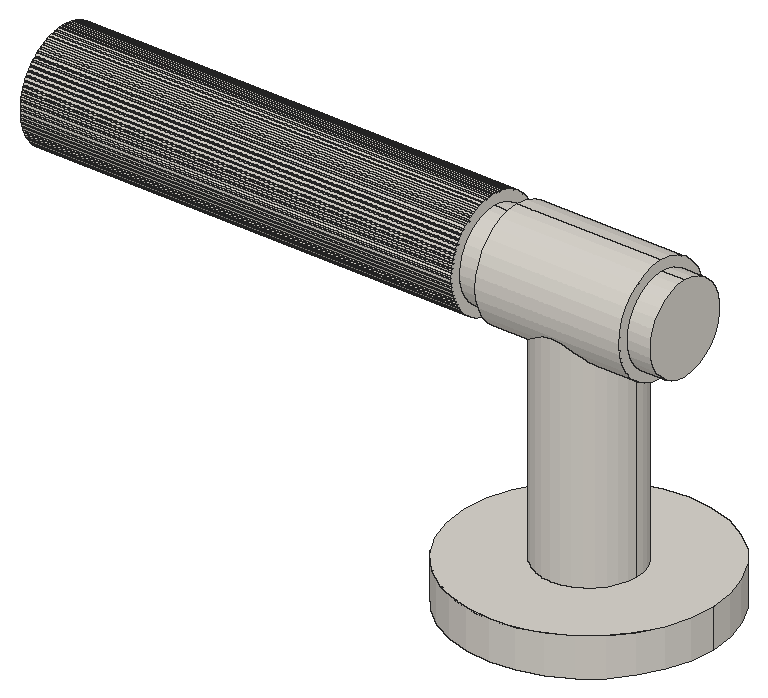
Revit family "ALMA-Marko_Door_Handle-FaceBased", category Specialty Equipment, host Face, Revit 2026
Family settings
  Host = Face
  Round Connector Dimension = Use Diameter
  Part Type = Normal
  Enable Cutting in Views = Yes
  Cut with Voids When Loaded = No
  Maintain Annotation Orientation = No
  Shared = No
  Room Calculation Point = No
Parameters (values of type "BRUSHED NICKEL")
  DoorHandle_Material = BM_NICKEL
  Default Elevation = 1100 mm
Types (7, lengths in mm): name | DoorHandle_Material
  (no name) | BM_NICKEL
  BRUSHED ANTIQUE BRASS | BM_ANTIQUE BRASS
  BRUSHED NICKEL | BM_NICKEL
  MATTE BLACK | BM_MATTE BLACK
  BRUSHED GUNMETAL | BM_GUNMETAL
  BRUSHED BRASS GOLD | BM_BRASS GOLD
  CHROME | BM_CHROME
Reference planes
  plane 1 "Center (Front/Back)": y = 0
  plane 2: z = 0
  plane 3 "Center (Left/Right)": x = 0
  plane 4: y = 26
  plane 5: y = -26
  plane 6: x = -110
  plane 7: z = 58
Forms (mm)
  Extrusion 1, solid, material "BM_NICKEL" <- "DoorHandle_Material"
    sketch origin (-7.019, 0, 8) x (1, 0, 0) y (0, 1, 0)
      loop
        circle (7.019, 0) r 10
    from 0 to 50
  Extrusion 2, solid, material "BM_NICKEL" <- "DoorHandle_Material"
    sketch origin (-7.019, 0, 0) x (1, 0, 0) y (0, 1, 0)
      loop
        circle (7.019, 0) r 26
    from 0 to 8
  Extrusion 3, solid, material "BM_NICKEL" <- "DoorHandle_Material"
    sketch origin (0.5, 0, -18) x (0, 0, -1) y (0, 1, 0)
      loop
        circle (-76, 0) r 11
    from -15.5 to 14.5
  Extrusion 4, solid, material "BM_NICKEL" <- "DoorHandle_Material"
    sketch origin (15, 0, -18) x (0, 0, -1) y (0, 1, 0)
      loop
        circle (-76, 0) r 9
    from 0 to 5
  Extrusion 5, solid, material "BM_NICKEL" <- "DoorHandle_Material"
    sketch origin (-105, 0, -18) x (0, 0, -1) y (0, 1, 0)
      loop
        circle (-76, 0) r 11
    from -5 to 85
  Extrusion 6, solid, material "BM_NICKEL" <- "DoorHandle_Material"
    sketch origin (15, 0, -18) x (0, 0, -1) y (0, 1, 0)
      loop
        circle (-76, 0) r 9
    from -35 to -30
  Extrusion 7, void
    sketch origin (-110, 0, -17.769) x (0, 0, -1) y (0, 1, 0)
      loop
        line (-86.432, 0) -> (-87.168, 0.425) -> (-87.168, -0.425) -> (-86.432, 0)
    from 0 to 90
  Extrusion 8, void
    sketch origin (-110, 5.945, -17.536) x (0, 0.078459, -0.996917) y (0, 0.996917, 0.078459)
      loop
        line (-86.432, 0) -> (-87.168, 0.425) -> (-87.168, -0.425) -> (-86.432, 0)
    from 0 to 90
  Extrusion 9, void
    sketch origin (-110, -5.945, -17.536) x (0, -0.078459, -0.996917) y (0, 0.996917, -0.078459)
      loop
        line (-86.432, 0) -> (-87.168, 0.425) -> (-87.168, -0.425) -> (-86.432, 0)
    from 0 to 90
  Extrusion 10, void
    sketch origin (-110, -11.853, -16.836) x (0, -0.156434, -0.987688) y (0, 0.987688, -0.156434)
      loop
        line (-86.432, 0) -> (-87.168, 0.425) -> (-87.168, -0.425) -> (-86.432, 0)
    from 0 to 90
  Extrusion 11, void
    sketch origin (-110, -17.688, -15.676) x (0, -0.233445, -0.97237) y (0, 0.97237, -0.233445)
      loop
        line (-86.432, 0) -> (-87.168, 0.425) -> (-87.168, -0.425) -> (-86.432, 0)
    from 0 to 90
  Extrusion 12, void
    sketch origin (-110, -23.414, -14.061) x (0, -0.309017, -0.951057) y (0, 0.951057, -0.309017)
      loop
        line (-86.432, 0) -> (-87.168, 0.425) -> (-87.168, -0.425) -> (-86.432, 0)
    from 0 to 90
  Extrusion 13, void
    sketch origin (-110, -28.996, -12.002) x (0, -0.382683, -0.92388) y (0, 0.92388, -0.382683)
      loop
        line (-86.432, 0) -> (-87.168, 0.425) -> (-87.168, -0.425) -> (-86.432, 0)
    from 0 to 90
  Extrusion 14, void
    sketch origin (-110, -34.398, -9.511) x (0, -0.45399, -0.891007) y (0, 0.891007, -0.45399)
      loop
        line (-86.432, 0) -> (-87.168, 0.425) -> (-87.168, -0.425) -> (-86.432, 0)
    from 0 to 90
  Extrusion 15, void
    sketch origin (-110, -39.589, -6.604) x (0, -0.522499, -0.85264) y (0, 0.85264, -0.522499)
      loop
        line (-86.432, 0) -> (-87.168, 0.425) -> (-87.168, -0.425) -> (-86.432, 0)
    from 0 to 90
  Extrusion 16, void
    sketch origin (-110, -44.536, -3.299) x (0, -0.587785, -0.809017) y (0, 0.809017, -0.587785)
      loop
        line (-86.432, 0) -> (-87.168, 0.425) -> (-87.168, -0.425) -> (-86.432, 0)
    from 0 to 90
  Extrusion 17, void
    sketch origin (-110, -49.208, 0.385) x (0, -0.649448, -0.760406) y (0, 0.760406, -0.649448)
      loop
        line (-86.432, 0) -> (-87.168, 0.425) -> (-87.168, -0.425) -> (-86.432, 0)
    from 0 to 90
  Extrusion 18, void
    sketch origin (-110, -53.577, 4.423) x (0, -0.707107, -0.707107) y (0, 0.707107, -0.707107)
      loop
        line (-86.432, 0) -> (-87.168, 0.425) -> (-87.168, -0.425) -> (-86.432, 0)
    from 0 to 90
  Extrusion 19, void
    sketch origin (-110, -57.615, 8.792) x (0, -0.760406, -0.649448) y (0, 0.649448, -0.760406)
      loop
        line (-86.432, 0) -> (-87.168, 0.425) -> (-87.168, -0.425) -> (-86.432, 0)
    from 0 to 90
  Extrusion 20, void
    sketch origin (-110, -61.299, 13.464) x (0, -0.809017, -0.587785) y (0, 0.587785, -0.809017)
      loop
        line (-86.432, 0) -> (-87.168, 0.425) -> (-87.168, -0.425) -> (-86.432, 0)
    from 0 to 90
  Extrusion 21, void
    sketch origin (-110, -64.604, 18.411) x (0, -0.85264, -0.522499) y (0, 0.522499, -0.85264)
      loop
        line (-86.432, 0) -> (-87.168, 0.425) -> (-87.168, -0.425) -> (-86.432, 0)
    from 0 to 90
  Extrusion 22, void
    sketch origin (-110, -67.511, 23.602) x (0, -0.891007, -0.45399) y (0, 0.45399, -0.891007)
      loop
        line (-86.432, 0) -> (-87.168, 0.425) -> (-87.168, -0.425) -> (-86.432, 0)
    from 0 to 90
  Extrusion 23, void
    sketch origin (-110, -70.002, 29.004) x (0, -0.92388, -0.382683) y (0, 0.382683, -0.92388)
      loop
        line (-86.432, 0) -> (-87.168, 0.425) -> (-87.168, -0.425) -> (-86.432, 0)
    from 0 to 90
  Extrusion 24, void
    sketch origin (-110, -72.061, 34.586) x (0, -0.951057, -0.309017) y (0, 0.309017, -0.951057)
      loop
        line (-86.432, 0) -> (-87.168, 0.425) -> (-87.168, -0.425) -> (-86.432, 0)
    from 0 to 90
  Extrusion 25, void
    sketch origin (-110, -73.676, 40.312) x (0, -0.97237, -0.233445) y (0, 0.233445, -0.97237)
      loop
        line (-86.432, 0) -> (-87.168, 0.425) -> (-87.168, -0.425) -> (-86.432, 0)
    from 0 to 90
  Extrusion 26, void
    sketch origin (-110, -74.836, 46.147) x (0, -0.987688, -0.156434) y (0, 0.156434, -0.987688)
      loop
        line (-86.432, 0) -> (-87.168, 0.425) -> (-87.168, -0.425) -> (-86.432, 0)
    from 0 to 90
  Extrusion 27, void
    sketch origin (-110, -75.536, 52.055) x (0, -0.996917, -0.078459) y (0, 0.078459, -0.996917)
      loop
        line (-86.432, 0) -> (-87.168, 0.425) -> (-87.168, -0.425) -> (-86.432, 0)
    from 0 to 90
  Extrusion 28, void
    sketch origin (-110, -75.769, 58) x (0, -1, 0) y (0, 0, -1)
      loop
        line (-86.432, 0) -> (-87.168, 0.425) -> (-87.168, -0.425) -> (-86.432, 0)
    from 0 to 90
  Extrusion 29, void
    sketch origin (-110, -75.536, 63.945) x (0, -0.996917, 0.078459) y (0, -0.078459, -0.996917)
      loop
        line (-86.432, 0) -> (-87.168, 0.425) -> (-87.168, -0.425) -> (-86.432, 0)
    from 0 to 90
  Extrusion 30, void
    sketch origin (-110, -74.836, 69.853) x (0, -0.987688, 0.156434) y (0, -0.156434, -0.987688)
      loop
        line (-86.432, 0) -> (-87.168, 0.425) -> (-87.168, -0.425) -> (-86.432, 0)
    from 0 to 90
  Extrusion 31, void
    sketch origin (-110, -73.676, 75.688) x (0, -0.97237, 0.233445) y (0, -0.233445, -0.97237)
      loop
        line (-86.432, 0) -> (-87.168, 0.425) -> (-87.168, -0.425) -> (-86.432, 0)
    from 0 to 90
  Extrusion 32, void
    sketch origin (-110, -72.061, 81.414) x (0, -0.951057, 0.309017) y (0, -0.309017, -0.951057)
      loop
        line (-86.432, 0) -> (-87.168, 0.425) -> (-87.168, -0.425) -> (-86.432, 0)
    from 0 to 90
  Extrusion 33, void
    sketch origin (-110, -70.002, 86.996) x (0, -0.92388, 0.382683) y (0, -0.382683, -0.92388)
      loop
        line (-86.432, 0) -> (-87.168, 0.425) -> (-87.168, -0.425) -> (-86.432, 0)
    from 0 to 90
  Extrusion 34, void
    sketch origin (-110, -67.511, 92.398) x (0, -0.891007, 0.45399) y (0, -0.45399, -0.891007)
      loop
        line (-86.432, 0) -> (-87.168, 0.425) -> (-87.168, -0.425) -> (-86.432, 0)
    from 0 to 90
  Extrusion 35, void
    sketch origin (-110, -64.604, 97.589) x (0, -0.85264, 0.522499) y (0, -0.522499, -0.85264)
      loop
        line (-86.432, 0) -> (-87.168, 0.425) -> (-87.168, -0.425) -> (-86.432, 0)
    from 0 to 90
  Extrusion 36, void
    sketch origin (-110, -61.299, 102.536) x (0, -0.809017, 0.587785) y (0, -0.587785, -0.809017)
      loop
        line (-86.432, 0) -> (-87.168, 0.425) -> (-87.168, -0.425) -> (-86.432, 0)
    from 0 to 90
  Extrusion 37, void
    sketch origin (-110, -57.615, 107.208) x (0, -0.760406, 0.649448) y (0, -0.649448, -0.760406)
      loop
        line (-86.432, 0) -> (-87.168, 0.425) -> (-87.168, -0.425) -> (-86.432, 0)
    from 0 to 90
  Extrusion 38, void
    sketch origin (-110, -53.577, 111.577) x (0, -0.707107, 0.707107) y (0, -0.707107, -0.707107)
      loop
        line (-86.432, 0) -> (-87.168, 0.425) -> (-87.168, -0.425) -> (-86.432, 0)
    from 0 to 90
  Extrusion 39, void
    sketch origin (-110, -49.208, 115.615) x (0, -0.649448, 0.760406) y (0, -0.760406, -0.649448)
      loop
        line (-86.432, 0) -> (-87.168, 0.425) -> (-87.168, -0.425) -> (-86.432, 0)
    from 0 to 90
  Extrusion 40, void
    sketch origin (-110, -44.536, 119.299) x (0, -0.587785, 0.809017) y (0, -0.809017, -0.587785)
      loop
        line (-86.432, 0) -> (-87.168, 0.425) -> (-87.168, -0.425) -> (-86.432, 0)
    from 0 to 90
  Extrusion 41, void
    sketch origin (-110, -39.589, 122.604) x (0, -0.522499, 0.85264) y (0, -0.85264, -0.522499)
      loop
        line (-86.432, 0) -> (-87.168, 0.425) -> (-87.168, -0.425) -> (-86.432, 0)
    from 0 to 90
  Extrusion 42, void
    sketch origin (-110, -34.398, 125.511) x (0, -0.45399, 0.891007) y (0, -0.891007, -0.45399)
      loop
        line (-86.432, 0) -> (-87.168, 0.425) -> (-87.168, -0.425) -> (-86.432, 0)
    from 0 to 90
  Extrusion 43, void
    sketch origin (-110, -28.996, 128.002) x (0, -0.382683, 0.92388) y (0, -0.92388, -0.382683)
      loop
        line (-86.432, 0) -> (-87.168, 0.425) -> (-87.168, -0.425) -> (-86.432, 0)
    from 0 to 90
  Extrusion 44, void
    sketch origin (-110, -23.414, 130.061) x (0, -0.309017, 0.951057) y (0, -0.951057, -0.309017)
      loop
        line (-86.432, 0) -> (-87.168, 0.425) -> (-87.168, -0.425) -> (-86.432, 0)
    from 0 to 90
  Extrusion 45, void
    sketch origin (-110, -17.688, 131.676) x (0, -0.233445, 0.97237) y (0, -0.97237, -0.233445)
      loop
        line (-86.432, 0) -> (-87.168, 0.425) -> (-87.168, -0.425) -> (-86.432, 0)
    from 0 to 90
  Extrusion 46, void
    sketch origin (-110, -11.853, 132.836) x (0, -0.156434, 0.987688) y (0, -0.987688, -0.156434)
      loop
        line (-86.432, 0) -> (-87.168, 0.425) -> (-87.168, -0.425) -> (-86.432, 0)
    from 0 to 90
  Extrusion 47, void
    sketch origin (-110, -5.945, 133.536) x (0, -0.078459, 0.996917) y (0, -0.996917, -0.078459)
      loop
        line (-86.432, 0) -> (-87.168, 0.425) -> (-87.168, -0.425) -> (-86.432, 0)
    from 0 to 90
  Extrusion 48, void
    sketch origin (-110, 0, 133.769) x (0, 0, 1) y (0, -1, 0)
      loop
        line (-86.432, 0) -> (-87.168, 0.425) -> (-87.168, -0.425) -> (-86.432, 0)
    from 0 to 90
  Extrusion 49, void
    sketch origin (-110, 5.945, 133.536) x (0, 0.078459, 0.996917) y (0, -0.996917, 0.078459)
      loop
        line (-86.432, 0) -> (-87.168, 0.425) -> (-87.168, -0.425) -> (-86.432, 0)
    from 0 to 90
  Extrusion 50, void
    sketch origin (-110, 11.853, 132.836) x (0, 0.156434, 0.987688) y (0, -0.987688, 0.156434)
      loop
        line (-86.432, 0) -> (-87.168, 0.425) -> (-87.168, -0.425) -> (-86.432, 0)
    from 0 to 90
  Extrusion 51, void
    sketch origin (-110, 17.688, 131.676) x (0, 0.233445, 0.97237) y (0, -0.97237, 0.233445)
      loop
        line (-86.432, 0) -> (-87.168, 0.425) -> (-87.168, -0.425) -> (-86.432, 0)
    from 0 to 90
  Extrusion 52, void
    sketch origin (-110, 23.414, 130.061) x (0, 0.309017, 0.951057) y (0, -0.951057, 0.309017)
      loop
        line (-86.432, 0) -> (-87.168, 0.425) -> (-87.168, -0.425) -> (-86.432, 0)
    from 0 to 90
  Extrusion 53, void
    sketch origin (-110, 28.996, 128.002) x (0, 0.382683, 0.92388) y (0, -0.92388, 0.382683)
      loop
        line (-86.432, 0) -> (-87.168, 0.425) -> (-87.168, -0.425) -> (-86.432, 0)
    from 0 to 90
  Extrusion 54, void
    sketch origin (-110, 34.398, 125.511) x (0, 0.45399, 0.891007) y (0, -0.891007, 0.45399)
      loop
        line (-86.432, 0) -> (-87.168, 0.425) -> (-87.168, -0.425) -> (-86.432, 0)
    from 0 to 90
  Extrusion 55, void
    sketch origin (-110, 39.589, 122.604) x (0, 0.522499, 0.85264) y (0, -0.85264, 0.522499)
      loop
        line (-86.432, 0) -> (-87.168, 0.425) -> (-87.168, -0.425) -> (-86.432, 0)
    from 0 to 90
  Extrusion 56, void
    sketch origin (-110, 44.536, 119.299) x (0, 0.587785, 0.809017) y (0, -0.809017, 0.587785)
      loop
        line (-86.432, 0) -> (-87.168, 0.425) -> (-87.168, -0.425) -> (-86.432, 0)
    from 0 to 90
  Extrusion 57, void
    sketch origin (-110, 49.208, 115.615) x (0, 0.649448, 0.760406) y (0, -0.760406, 0.649448)
      loop
        line (-86.432, 0) -> (-87.168, 0.425) -> (-87.168, -0.425) -> (-86.432, 0)
    from 0 to 90
  Extrusion 58, void
    sketch origin (-110, 53.577, 111.577) x (0, 0.707107, 0.707107) y (0, -0.707107, 0.707107)
      loop
        line (-86.432, 0) -> (-87.168, 0.425) -> (-87.168, -0.425) -> (-86.432, 0)
    from 0 to 90
  Extrusion 59, void
    sketch origin (-110, 57.615, 107.208) x (0, 0.760406, 0.649448) y (0, -0.649448, 0.760406)
      loop
        line (-86.432, 0) -> (-87.168, 0.425) -> (-87.168, -0.425) -> (-86.432, 0)
    from 0 to 90
  Extrusion 60, void
    sketch origin (-110, 61.299, 102.536) x (0, 0.809017, 0.587785) y (0, -0.587785, 0.809017)
      loop
        line (-86.432, 0) -> (-87.168, 0.425) -> (-87.168, -0.425) -> (-86.432, 0)
    from 0 to 90
  Extrusion 61, void
    sketch origin (-110, 64.604, 97.589) x (0, 0.85264, 0.522499) y (0, -0.522499, 0.85264)
      loop
        line (-86.432, 0) -> (-87.168, 0.425) -> (-87.168, -0.425) -> (-86.432, 0)
    from 0 to 90
  Extrusion 62, void
    sketch origin (-110, 67.511, 92.398) x (0, 0.891007, 0.45399) y (0, -0.45399, 0.891007)
      loop
        line (-86.432, 0) -> (-87.168, 0.425) -> (-87.168, -0.425) -> (-86.432, 0)
    from 0 to 90
  Extrusion 63, void
    sketch origin (-110, 70.002, 86.996) x (0, 0.92388, 0.382683) y (0, -0.382683, 0.92388)
      loop
        line (-86.432, 0) -> (-87.168, 0.425) -> (-87.168, -0.425) -> (-86.432, 0)
    from 0 to 90
  Extrusion 64, void
    sketch origin (-110, 72.061, 81.414) x (0, 0.951057, 0.309017) y (0, -0.309017, 0.951057)
      loop
        line (-86.432, 0) -> (-87.168, 0.425) -> (-87.168, -0.425) -> (-86.432, 0)
    from 0 to 90
  Extrusion 65, void
    sketch origin (-110, 73.676, 75.688) x (0, 0.97237, 0.233445) y (0, -0.233445, 0.97237)
      loop
        line (-86.432, 0) -> (-87.168, 0.425) -> (-87.168, -0.425) -> (-86.432, 0)
    from 0 to 90
  Extrusion 66, void
    sketch origin (-110, 74.836, 69.853) x (0, 0.987688, 0.156434) y (0, -0.156434, 0.987688)
      loop
        line (-86.432, 0) -> (-87.168, 0.425) -> (-87.168, -0.425) -> (-86.432, 0)
    from 0 to 90
  Extrusion 67, void
    sketch origin (-110, 75.536, 63.945) x (0, 0.996917, 0.078459) y (0, -0.078459, 0.996917)
      loop
        line (-86.432, 0) -> (-87.168, 0.425) -> (-87.168, -0.425) -> (-86.432, 0)
    from 0 to 90
  Extrusion 68, void
    sketch origin (-110, 75.769, 58) x (0, 1, 0) y (0, 0, 1)
      loop
        line (-86.432, 0) -> (-87.168, 0.425) -> (-87.168, -0.425) -> (-86.432, 0)
    from 0 to 90
  Extrusion 69, void
    sketch origin (-110, 75.536, 52.055) x (0, 0.996917, -0.078459) y (0, 0.078459, 0.996917)
      loop
        line (-86.432, 0) -> (-87.168, 0.425) -> (-87.168, -0.425) -> (-86.432, 0)
    from 0 to 90
  Extrusion 70, void
    sketch origin (-110, 74.836, 46.147) x (0, 0.987688, -0.156434) y (0, 0.156434, 0.987688)
      loop
        line (-86.432, 0) -> (-87.168, 0.425) -> (-87.168, -0.425) -> (-86.432, 0)
    from 0 to 90
  Extrusion 71, void
    sketch origin (-110, 73.676, 40.312) x (0, 0.97237, -0.233445) y (0, 0.233445, 0.97237)
      loop
        line (-86.432, 0) -> (-87.168, 0.425) -> (-87.168, -0.425) -> (-86.432, 0)
    from 0 to 90
  Extrusion 72, void
    sketch origin (-110, 72.061, 34.586) x (0, 0.951057, -0.309017) y (0, 0.309017, 0.951057)
      loop
        line (-86.432, 0) -> (-87.168, 0.425) -> (-87.168, -0.425) -> (-86.432, 0)
    from 0 to 90
  Extrusion 73, void
    sketch origin (-110, 70.002, 29.004) x (0, 0.92388, -0.382683) y (0, 0.382683, 0.92388)
      loop
        line (-86.432, 0) -> (-87.168, 0.425) -> (-87.168, -0.425) -> (-86.432, 0)
    from 0 to 90
  Extrusion 74, void
    sketch origin (-110, 67.511, 23.602) x (0, 0.891007, -0.45399) y (0, 0.45399, 0.891007)
      loop
        line (-86.432, 0) -> (-87.168, 0.425) -> (-87.168, -0.425) -> (-86.432, 0)
    from 0 to 90
  Extrusion 75, void
    sketch origin (-110, 64.604, 18.411) x (0, 0.85264, -0.522499) y (0, 0.522499, 0.85264)
      loop
        line (-86.432, 0) -> (-87.168, 0.425) -> (-87.168, -0.425) -> (-86.432, 0)
    from 0 to 90
  Extrusion 76, void
    sketch origin (-110, 61.299, 13.464) x (0, 0.809017, -0.587785) y (0, 0.587785, 0.809017)
      loop
        line (-86.432, 0) -> (-87.168, 0.425) -> (-87.168, -0.425) -> (-86.432, 0)
    from 0 to 90
  Extrusion 77, void
    sketch origin (-110, 57.615, 8.792) x (0, 0.760406, -0.649448) y (0, 0.649448, 0.760406)
      loop
        line (-86.432, 0) -> (-87.168, 0.425) -> (-87.168, -0.425) -> (-86.432, 0)
    from 0 to 90
  Extrusion 78, void
    sketch origin (-110, 53.577, 4.423) x (0, 0.707107, -0.707107) y (0, 0.707107, 0.707107)
      loop
        line (-86.432, 0) -> (-87.168, 0.425) -> (-87.168, -0.425) -> (-86.432, 0)
    from 0 to 90
  Extrusion 79, void
    sketch origin (-110, 49.208, 0.385) x (0, 0.649448, -0.760406) y (0, 0.760406, 0.649448)
      loop
        line (-86.432, 0) -> (-87.168, 0.425) -> (-87.168, -0.425) -> (-86.432, 0)
    from 0 to 90
  Extrusion 80, void
    sketch origin (-110, 44.536, -3.299) x (0, 0.587785, -0.809017) y (0, 0.809017, 0.587785)
      loop
        line (-86.432, 0) -> (-87.168, 0.425) -> (-87.168, -0.425) -> (-86.432, 0)
    from 0 to 90
  Extrusion 81, void
    sketch origin (-110, 39.589, -6.604) x (0, 0.522499, -0.85264) y (0, 0.85264, 0.522499)
      loop
        line (-86.432, 0) -> (-87.168, 0.425) -> (-87.168, -0.425) -> (-86.432, 0)
    from 0 to 90
  Extrusion 82, void
    sketch origin (-110, 34.398, -9.511) x (0, 0.45399, -0.891007) y (0, 0.891007, 0.45399)
      loop
        line (-86.432, 0) -> (-87.168, 0.425) -> (-87.168, -0.425) -> (-86.432, 0)
    from 0 to 90
  Extrusion 83, void
    sketch origin (-110, 28.996, -12.002) x (0, 0.382683, -0.92388) y (0, 0.92388, 0.382683)
      loop
        line (-86.432, 0) -> (-87.168, 0.425) -> (-87.168, -0.425) -> (-86.432, 0)
    from 0 to 90
  Extrusion 84, void
    sketch origin (-110, 23.414, -14.061) x (0, 0.309017, -0.951057) y (0, 0.951057, 0.309017)
      loop
        line (-86.432, 0) -> (-87.168, 0.425) -> (-87.168, -0.425) -> (-86.432, 0)
    from 0 to 90
  Extrusion 85, void
    sketch origin (-110, 17.688, -15.676) x (0, 0.233445, -0.97237) y (0, 0.97237, 0.233445)
      loop
        line (-86.432, 0) -> (-87.168, 0.425) -> (-87.168, -0.425) -> (-86.432, 0)
    from 0 to 90
  Extrusion 86, void
    sketch origin (-110, 11.853, -16.836) x (0, 0.156434, -0.987688) y (0, 0.987688, 0.156434)
      loop
        line (-86.432, 0) -> (-87.168, 0.425) -> (-87.168, -0.425) -> (-86.432, 0)
    from 0 to 90
Cuts and joins
  Extrusion 7, Extrusion 8, Extrusion 9, Extrusion 10, Extrusion 11, Extrusion 12, Extrusion 13, Extrusion 14, Extrusion 15, Extrusion 16, Extrusion 17, Extrusion 18, Extrusion 19, Extrusion 20, Extrusion 21, Extrusion 22, Extrusion 23, Extrusion 24, Extrusion 25, Extrusion 26, Extrusion 27, Extrusion 28, Extrusion 29, Extrusion 30, Extrusion 31, Extrusion 32, Extrusion 33, Extrusion 34, Extrusion 35, Extrusion 36, Extrusion 37, Extrusion 38, Extrusion 39, Extrusion 40, Extrusion 41, Extrusion 42, Extrusion 43, Extrusion 44, Extrusion 45, Extrusion 46, Extrusion 47, Extrusion 48, Extrusion 49, Extrusion 50, Extrusion 51, Extrusion 52, Extrusion 53, Extrusion 54, Extrusion 55, Extrusion 56, Extrusion 57, Extrusion 58, Extrusion 59, Extrusion 60, Extrusion 61, Extrusion 62, Extrusion 63, Extrusion 64, Extrusion 65, Extrusion 66, Extrusion 67, Extrusion 68, Extrusion 69, Extrusion 70, Extrusion 71, Extrusion 72, Extrusion 73, Extrusion 74, Extrusion 75, Extrusion 76, Extrusion 77, Extrusion 78, Extrusion 79, Extrusion 80, Extrusion 81, Extrusion 82, Extrusion 83, Extrusion 84, Extrusion 85, Extrusion 86 cuts Extrusion 5
Text (mm)
  text "Refer to www.buildmat.com.au for the most current product literature. \nAllow a +/- 5mm tolerance for dimensions shown in the product literature. \nPlease note product details are subject to change due to ongoing product development." at (-1.255, -1290.37, 0), in view "Ref. Level"
Dimensions and locks
  aligned and locked: plane 2 to host face
  aligned and locked: level to host face
